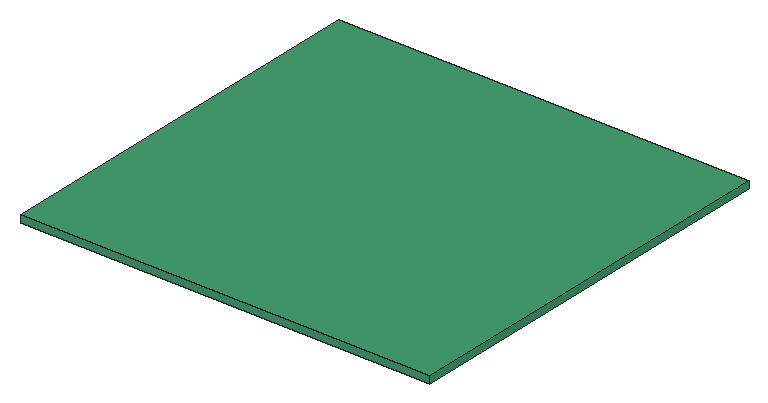
Revit family "ROTHOB_Rothoblaas_Tape_EasyBand", category Structural Connections, host Face, Revit 2020
Family settings
  Host = Face
  Material for Model Behavior = Other
  OmniClass Number = 23.13.23.17
  OmniClass Title = General Purpose Tape
  Enable cutting in views = Yes
  Cut with Voids When Loaded = No
  Shared = No
Parameters (values of type "EASY BAND")
  WarrantyStartDate [instance] = ""
  WarrantyGuarantorParts = "n/a"  # constant formula
  WarrantyGuarantorLabor = "n/a"  # constant formula
  WarrantyDurationUnit = "n/a"  # constant formula
  WarrantyDurationParts = "n/a"  # constant formula
  WarrantyDurationLabor = "n/a"  # constant formula
  WarrantyDescription = "n/a"  # constant formula
  Version = "1"  # constant formula
  UniClass2015Version = "Products v1.33"  # constant formula
  UniClass2015Title = "Acrylic adhesive sealant tapes"  # constant formula
  UniClass2015Code = "Pr_35_90_87_02"  # constant formula
  Tipo IFC predefinito = "USERDEFINED"  # constant formula
  SustainabilityPerformance = "n/a"  # constant formula
  Size = "n/a"  # constant formula
  ShearAdhesionStrength_Joint_PP_Membrane_24hours = "55,0 N/50 mm"  # constant formula
  Shape = "Bidimensional"  # constant formula
  Revision = "n/a"  # constant formula
  ResistanceTemperature = "-40/+100 °C"  # constant formula
  ReplacementCost = "n/a"  # constant formula
  ObjectMaterial = ROTHOB_Rothoblaas_Polyester
  NominalWidth = "n/a"  # constant formula
  NominalHeight = "n/a"  # constant formula
  FrenchVOC_Classification = "A+"  # constant formula
  Emicode = "EC1 plus"  # constant formula
  ExposureWeather = "4 months"  # constant formula
  Default Elevation = 1.2192 m
  ProductInformation = "https://www.rothoblaas.com/products/airtightness-and-waterproofing/tapes-and-sealants/tapes-and-profiles/easy-band#EASY%20BAND"  # constant formula
  OmniClassVersion = "2012-05-16"  # constant formula
  OmniClassTitle = "General Purpose Tape"  # constant formula
  OmniClassCode = "23.13 23.17"  # constant formula
  NominalLength = "n/a"  # constant formula
  InstallationDate [instance] = ""
  Length_L [instance] = 0.058851 m
  Name = "Tape"  # constant formula
  ModelReference = "n/a"  # constant formula
  ModelNumber = "n/a"  # constant formula
  ModelDisclaimer = "The latest version of the data sheets can be found on our website"  # constant formula
  Material = "Polyester"  # constant formula
  ManufacturerURL = "www.rothoblaas.com"  # constant formula
  ManufacturerName = "ROTHO BLAAS SRL"  # constant formula
  Manufacturer = "info@rothoblaas.com"  # constant formula
  IfcExportType = "USERDEFINED"  # constant formula
  IfcExportAs = "IfcBuildingElementProxyType"  # constant formula
  Width_B [instance] = 0.057274 m
  Grade = "n/a"  # constant formula
  Finish = "PE film"  # constant formula
  Features = "n/a"  # constant formula
  ExpectedLife = "n/a"  # constant formula
  Esporta tipo in formato IFC con nome = "IfcBuildingElementProxyType"  # constant formula
  DurationUnit = "Years"  # constant formula
  Description = "Universal single-sided tape"  # constant formula
  Constituents = "n/a"  # constant formula
  Color = "Green and black"  # constant formula
  CodePerformance = "n/a"  # constant formula
  Category = "Pr_35_90_87_02 - Acrylic adhesive sealant tapes"  # constant formula
  BIMObjectName = "ROTHOB_Rothoblaas_Tape_EasyBand"  # constant formula
  EMCODETitle = "n/a"  # constant formula
  EMCODECode = "13088/01.01.14"  # constant formula
  Author = "Vitor Ferronato"  # constant formula
  AssetType = "n/a"  # constant formula
  ApplicationTemperature = "-10/+40 °C"  # constant formula
  AdhesionStrength_Average_PP_Membrane_24hours = "26,0 N/50 mm"  # constant formula
  AdhesionStrengthOSB_90°_10minutes = "4,5 N/10 mm"  # constant formula
  AdhesionStrengthOSB_180°_10minutes = "10,0 N/10 mm"  # constant formula
  AccessibilityPerformance = "n/a"  # constant formula
Reference planes (m)
  plane 1 "Centro (Fronte/Retro)": y = 0
  plane 2: z = 0
  plane 3 "Centro (Sinistra/Destra)": x = 0
  plane 4: y = 0.028637
  plane 5: y = -0.028637
  plane 6: x = -0.029426
  plane 7: x = 0.029426
Forms (m)
  Extrusion 1, solid, material "ROTHOB_Rothoblaas_Polyester" <- "ObjectMaterial"
    sketch origin (0, 0, 0) x (1, 0, 0) y (0, 1, 0)
      loop
        line (-0.029426, 0.028637) -> (-0.029426, -0.028637) -> (0.029426, -0.028637) -> (0.029426, 0.028637) -> (-0.029426, 0.028637)
    from 0 to 0.001
Dimensions and locks (m)
  equal spacing: host sketch curve, plane 3 "Centro (Sinistra/Destra)", host sketch curve
  host sketch curve to host sketch curve = 0.063289 m
  equal spacing: host sketch curve, plane 1 "Centro (Fronte/Retro)", host sketch curve
  host sketch curve to host sketch curve = 0.062563 m
  equal spacing: plane 6, plane 3 "Centro (Sinistra/Destra)", plane 7
  "Length_L": plane 6 to plane 7
  equal spacing: plane 4, plane 1 "Centro (Fronte/Retro)", plane 5
  "Width_B": plane 4 to plane 5
  aligned and locked: plane 2 to host face
  aligned and locked: level to host face
  aligned and locked: Extrusion 1 sketch curve to plane 4
  aligned and locked: Extrusion 1 sketch curve to plane 5
  aligned and locked: plane 6 to Extrusion 1 sketch curve
  aligned and locked: plane 7 to Extrusion 1 sketch curve
